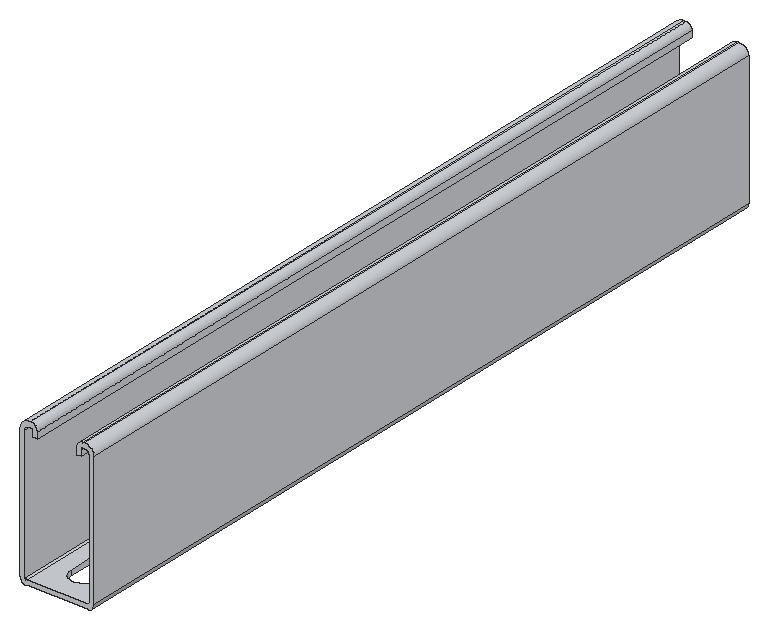
Revit family "Channel-Unistrut-P5000_T", category Specialty Equipment, Revit 2012
Parameters (values of type "P5000 T")
  ecoScorecard_data = ""
  ecoScorecard Product Page = ""
  Weight Per Foot = 3.00 lbf/ft
  Unit = none
  URL = "http://unistrut.us/index.php"
  Subcategory = "1 5/8\" Channels"
  Product Page URL = "http://unistrut.us/index.php?WP=cat_detail&S=S05&P=P5000t"
  Power Strut Part Number = "PS 200 KO6"  # constant formula
  Part Type = "Channel"  # constant formula
  Part Number = ""
  Overall Width = 1 5/8"  # constant formula
  Overall Height = 3 1/4"  # constant formula
  Model = "P5000 T"  # constant formula
  Material = "Multiple Options - See Catalog"
  Manufacturer Toll Free Phone = "800-882-5543"  # constant formula
  Manufacturer Phone = "708-339-1610"  # constant formula
  Manufacturer Fax = "708-339-7814"  # constant formula
  Manufacturer Email = "mailto:questions@atkore.com"
  Manufacturer Address = "16100 South Lathrop Avenue, Harvey, IL 60426"  # constant formula
  Manufacturer = "Unistrut by Atkore International"  # constant formula
  Load Capacity Note = "Visit the product page for load application and capacity."  # constant formula
  Literature URL = "http://unistrut.us/index.php?WP=LItLibrary"
  Length [instance] = 18"
  Knockouts Spacing From End = 1"
  Hole Spacing On Center Dimension = 2"
  Gauge Thickness = "12 Gauge (.105”)"  # constant formula
  Description = "P5000 T Channel"  # constant formula
  Cost Info = "mailto:questions@atkore.com"
  Construction Note = "Slots are 11⁄8\" x 9⁄16\" @ 2\" on Center"
  Category = "Specialty Equipment"  # constant formula
  CSI MasterSpec = "http://www.unistrut.us/a_files/TechRef/Unistrut_CSI_05430.pdf"
  CAD URL = "http://unistrut.us/index.php?WP=CAD3d"
  Assembly Code = "D5020100"
  95 CSI = "16070"  # constant formula
  04 CSI = "26 05 48"  # constant formula
Reference planes (in)
  plane 1 "Center (Front/Back)": y = 0
  plane 2: z = 0
  plane 3 "Center (Left/Right)": x = 0
  plane 4: z = 3.25
  plane 5: y = 9
  plane 6: x = -0.8125
  plane 7: y = -9
  plane 8: x = 0.8125
  plane 9: y = -7
Dimensions and locks (in)
  "Overall Height": plane 4 to level
  equal spacing: plane 6, plane 3 "Center (Left/Right)", plane 8
  "Overall Width": plane 6 to plane 8
  equal spacing: plane 5, plane 1 "Center (Front/Back)", plane 7
  "Length": plane 5 to plane 7
  "Hole Spacing On Center Dimension": plane 7 to plane 9
  aligned and locked: level to plane 2
  aligned and locked: plane 1 "Center (Front/Back)" to nested 1
  aligned and locked: plane 3 "Center (Left/Right)" to nested 1
  aligned and locked: nested 1 to level
Nested families (in)
  nested 1: "P5000 T Channel" at (0, 0, 0), type "P5000 T Channel"
    with # Of Array 9, Length 18"
Definition of nested family "P5000 T Channel"
  Parameters (values of type "P5000 T Channel")
    Width = 1 5/8"
    Unit = none
    Length = 60"
    Knockouts Spacing On Center = 2"
    Knockouts Spacing From End = 1"
    Height = 3 1/4"
    # Of Array [instance] = (Length - Knockouts Spacing From End * 2) / Knockouts Spacing On Center + 1  # 30
  Reference planes (in)
    plane 1 "Center (Front/Back)": y = 0
    plane 2: z = 0
    plane 3 "Center (Left/Right)": x = 0
    plane 4: z = 3.25
    plane 5: x = -0.8125
    plane 6: x = 0.8125
    plane 7: y = 30
    plane 8: y = -30
    plane 9: x = 0.4375
    plane 10: x = -0.4375
    plane 11: z = 2.96875
    plane 12: y = -29
    plane 13: y = -27
    plane 14: z = 0.105
  Forms (in)
    Sweep 1, solid, material <- "Unit", detail levels fine
      path origin (0, 0, 0) x (1, 0, 0) y (0, 1, 0)
        loop
          line (0, 30) -> (0, -30)
      profile origin (0, 0, 0) x (1, 0, 0) y (0, 0, 1)
        loop
          line (0.7075, 3.051) -> (0.7075, 0.13625)
          arc (0.7075, 0.13625) -> (0.69835, 0.11415) -> (0.67625, 0.105) r 0.03125
          line (0.67625, 0.105) -> (-0.67625, 0.105)
          arc (-0.67625, 0.105) -> (-0.69835, 0.11415) -> (-0.7075, 0.13625) r 0.03125
          line (-0.7075, 0.13625) -> (-0.7075, 3.051)
          arc (-0.7075, 3.051) -> (-0.68004, 3.11729) -> (-0.61375, 3.14475) r 0.09375
          line (-0.61375, 3.14475) -> (-0.57375, 3.14475)
          arc (-0.57375, 3.14475) -> (-0.55165, 3.1356) -> (-0.5425, 3.1135) r 0.03125
          line (-0.5425, 3.1135) -> (-0.5425, 2.96875) -> (-0.4375, 2.96875) -> (-0.4375, 3.1135)
          arc (-0.4375, 3.1135) -> (-0.47741, 3.20984) -> (-0.57375, 3.24975) r 0.13625
          line (-0.57375, 3.24975) -> (-0.61375, 3.24975)
          arc (-0.61375, 3.24975) -> (-0.75429, 3.19154) -> (-0.8125, 3.051) r 0.19875
          line (-0.8125, 3.051) -> (-0.8125, 0.13625)
          arc (-0.8125, 0.13625) -> (-0.77259, 0.03991) -> (-0.67625, 0) r 0.13625
          line (-0.67625, 0) -> (0.67625, 0)
          arc (0.67625, 0) -> (0.77259, 0.03991) -> (0.8125, 0.13625) r 0.13625
          line (0.8125, 0.13625) -> (0.8125, 3.051)
          arc (0.8125, 3.051) -> (0.75429, 3.19154) -> (0.61375, 3.24975) r 0.19875
          line (0.61375, 3.24975) -> (0.57375, 3.24975)
          arc (0.57375, 3.24975) -> (0.47741, 3.20984) -> (0.4375, 3.1135) r 0.13625
          line (0.4375, 3.1135) -> (0.4375, 2.96875) -> (0.5425, 2.96875) -> (0.5425, 3.1135)
          arc (0.5425, 3.1135) -> (0.55165, 3.1356) -> (0.57375, 3.14475) r 0.03125
          line (0.57375, 3.14475) -> (0.61375, 3.14475)
          arc (0.61375, 3.14475) -> (0.68004, 3.11729) -> (0.7075, 3.051) r 0.09375
    Extrusion 2, void
      sketch origin (0, -18, 0) x (1, 0, 0) y (0, 1, 0)
        loop
          arc (0.28125, -10.71875) -> (0, -10.4375) -> (-0.28125, -10.71875) r 0.28125
          line (-0.28125, -10.71875) -> (-0.28125, -11.28125)
          arc (-0.28125, -11.28125) -> (0, -11.5625) -> (0.28125, -11.28125) r 0.28125
          line (0.28125, -11.28125) -> (0.28125, -10.71875)
      from 0 to 0.105
    Extrusion 3, void
      sketch origin (0, -16, 0) x (1, 0, 0) y (0, 1, 0)
        loop
          arc (0.28125, -10.71875) -> (0, -10.4375) -> (-0.28125, -10.71875) r 0.28125
          line (-0.28125, -10.71875) -> (-0.28125, -11.28125)
          arc (-0.28125, -11.28125) -> (0, -11.5625) -> (0.28125, -11.28125) r 0.28125
          line (0.28125, -11.28125) -> (0.28125, -10.71875)
      from 0 to 0.105
    Extrusion 4, void
      sketch origin (0, -14, 0) x (1, 0, 0) y (0, 1, 0)
        loop
          arc (0.28125, -10.71875) -> (0, -10.4375) -> (-0.28125, -10.71875) r 0.28125
          line (-0.28125, -10.71875) -> (-0.28125, -11.28125)
          arc (-0.28125, -11.28125) -> (0, -11.5625) -> (0.28125, -11.28125) r 0.28125
          line (0.28125, -11.28125) -> (0.28125, -10.71875)
      from 0 to 0.105
    Extrusion 5, void
      sketch origin (0, -12, 0) x (1, 0, 0) y (0, 1, 0)
        loop
          arc (0.28125, -10.71875) -> (0, -10.4375) -> (-0.28125, -10.71875) r 0.28125
          line (-0.28125, -10.71875) -> (-0.28125, -11.28125)
          arc (-0.28125, -11.28125) -> (0, -11.5625) -> (0.28125, -11.28125) r 0.28125
          line (0.28125, -11.28125) -> (0.28125, -10.71875)
      from 0 to 0.105
    Extrusion 6, void
      sketch origin (0, -10, 0) x (1, 0, 0) y (0, 1, 0)
        loop
          arc (0.28125, -10.71875) -> (0, -10.4375) -> (-0.28125, -10.71875) r 0.28125
          line (-0.28125, -10.71875) -> (-0.28125, -11.28125)
          arc (-0.28125, -11.28125) -> (0, -11.5625) -> (0.28125, -11.28125) r 0.28125
          line (0.28125, -11.28125) -> (0.28125, -10.71875)
      from 0 to 0.105
    Extrusion 7, void
      sketch origin (0, -8, 0) x (1, 0, 0) y (0, 1, 0)
        loop
          arc (0.28125, -10.71875) -> (0, -10.4375) -> (-0.28125, -10.71875) r 0.28125
          line (-0.28125, -10.71875) -> (-0.28125, -11.28125)
          arc (-0.28125, -11.28125) -> (0, -11.5625) -> (0.28125, -11.28125) r 0.28125
          line (0.28125, -11.28125) -> (0.28125, -10.71875)
      from 0 to 0.105
    Extrusion 8, void
      sketch origin (0, -6, 0) x (1, 0, 0) y (0, 1, 0)
        loop
          arc (0.28125, -10.71875) -> (0, -10.4375) -> (-0.28125, -10.71875) r 0.28125
          line (-0.28125, -10.71875) -> (-0.28125, -11.28125)
          arc (-0.28125, -11.28125) -> (0, -11.5625) -> (0.28125, -11.28125) r 0.28125
          line (0.28125, -11.28125) -> (0.28125, -10.71875)
      from 0 to 0.105
    Extrusion 9, void
      sketch origin (0, -4, 0) x (1, 0, 0) y (0, 1, 0)
        loop
          arc (0.28125, -10.71875) -> (0, -10.4375) -> (-0.28125, -10.71875) r 0.28125
          line (-0.28125, -10.71875) -> (-0.28125, -11.28125)
          arc (-0.28125, -11.28125) -> (0, -11.5625) -> (0.28125, -11.28125) r 0.28125
          line (0.28125, -11.28125) -> (0.28125, -10.71875)
      from 0 to 0.105
    Extrusion 10, void
      sketch origin (0, -2, 0) x (1, 0, 0) y (0, 1, 0)
        loop
          arc (0.28125, -10.71875) -> (0, -10.4375) -> (-0.28125, -10.71875) r 0.28125
          line (-0.28125, -10.71875) -> (-0.28125, -11.28125)
          arc (-0.28125, -11.28125) -> (0, -11.5625) -> (0.28125, -11.28125) r 0.28125
          line (0.28125, -11.28125) -> (0.28125, -10.71875)
      from 0 to 0.105
    Extrusion 11, void
      sketch origin (0, 0, 0) x (1, 0, 0) y (0, 1, 0)
        loop
          arc (0.28125, -10.71875) -> (0, -10.4375) -> (-0.28125, -10.71875) r 0.28125
          line (-0.28125, -10.71875) -> (-0.28125, -11.28125)
          arc (-0.28125, -11.28125) -> (0, -11.5625) -> (0.28125, -11.28125) r 0.28125
          line (0.28125, -11.28125) -> (0.28125, -10.71875)
      from 0 to 0.105
    Extrusion 12, void
      sketch origin (0, 2, 0) x (1, 0, 0) y (0, 1, 0)
        loop
          arc (0.28125, -10.71875) -> (0, -10.4375) -> (-0.28125, -10.71875) r 0.28125
          line (-0.28125, -10.71875) -> (-0.28125, -11.28125)
          arc (-0.28125, -11.28125) -> (0, -11.5625) -> (0.28125, -11.28125) r 0.28125
          line (0.28125, -11.28125) -> (0.28125, -10.71875)
      from 0 to 0.105
    Extrusion 13, void
      sketch origin (0, 4, 0) x (1, 0, 0) y (0, 1, 0)
        loop
          arc (0.28125, -10.71875) -> (0, -10.4375) -> (-0.28125, -10.71875) r 0.28125
          line (-0.28125, -10.71875) -> (-0.28125, -11.28125)
          arc (-0.28125, -11.28125) -> (0, -11.5625) -> (0.28125, -11.28125) r 0.28125
          line (0.28125, -11.28125) -> (0.28125, -10.71875)
      from 0 to 0.105
    Extrusion 14, void
      sketch origin (0, 6, 0) x (1, 0, 0) y (0, 1, 0)
        loop
          arc (0.28125, -10.71875) -> (0, -10.4375) -> (-0.28125, -10.71875) r 0.28125
          line (-0.28125, -10.71875) -> (-0.28125, -11.28125)
          arc (-0.28125, -11.28125) -> (0, -11.5625) -> (0.28125, -11.28125) r 0.28125
          line (0.28125, -11.28125) -> (0.28125, -10.71875)
      from 0 to 0.105
    Extrusion 15, void
      sketch origin (0, 8, 0) x (1, 0, 0) y (0, 1, 0)
        loop
          arc (0.28125, -10.71875) -> (0, -10.4375) -> (-0.28125, -10.71875) r 0.28125
          line (-0.28125, -10.71875) -> (-0.28125, -11.28125)
          arc (-0.28125, -11.28125) -> (0, -11.5625) -> (0.28125, -11.28125) r 0.28125
          line (0.28125, -11.28125) -> (0.28125, -10.71875)
      from 0 to 0.105
    Extrusion 16, void
      sketch origin (0, 10, 0) x (1, 0, 0) y (0, 1, 0)
        loop
          arc (0.28125, -10.71875) -> (0, -10.4375) -> (-0.28125, -10.71875) r 0.28125
          line (-0.28125, -10.71875) -> (-0.28125, -11.28125)
          arc (-0.28125, -11.28125) -> (0, -11.5625) -> (0.28125, -11.28125) r 0.28125
          line (0.28125, -11.28125) -> (0.28125, -10.71875)
      from 0 to 0.105
    Extrusion 17, void
      sketch origin (0, 12, 0) x (1, 0, 0) y (0, 1, 0)
        loop
          arc (0.28125, -10.71875) -> (0, -10.4375) -> (-0.28125, -10.71875) r 0.28125
          line (-0.28125, -10.71875) -> (-0.28125, -11.28125)
          arc (-0.28125, -11.28125) -> (0, -11.5625) -> (0.28125, -11.28125) r 0.28125
          line (0.28125, -11.28125) -> (0.28125, -10.71875)
      from 0 to 0.105
    Extrusion 18, void
      sketch origin (0, 14, 0) x (1, 0, 0) y (0, 1, 0)
        loop
          arc (0.28125, -10.71875) -> (0, -10.4375) -> (-0.28125, -10.71875) r 0.28125
          line (-0.28125, -10.71875) -> (-0.28125, -11.28125)
          arc (-0.28125, -11.28125) -> (0, -11.5625) -> (0.28125, -11.28125) r 0.28125
          line (0.28125, -11.28125) -> (0.28125, -10.71875)
      from 0 to 0.105
    Extrusion 19, void
      sketch origin (0, 16, 0) x (1, 0, 0) y (0, 1, 0)
        loop
          arc (0.28125, -10.71875) -> (0, -10.4375) -> (-0.28125, -10.71875) r 0.28125
          line (-0.28125, -10.71875) -> (-0.28125, -11.28125)
          arc (-0.28125, -11.28125) -> (0, -11.5625) -> (0.28125, -11.28125) r 0.28125
          line (0.28125, -11.28125) -> (0.28125, -10.71875)
      from 0 to 0.105
    Extrusion 20, void
      sketch origin (0, 18, 0) x (1, 0, 0) y (0, 1, 0)
        loop
          arc (0.28125, -10.71875) -> (0, -10.4375) -> (-0.28125, -10.71875) r 0.28125
          line (-0.28125, -10.71875) -> (-0.28125, -11.28125)
          arc (-0.28125, -11.28125) -> (0, -11.5625) -> (0.28125, -11.28125) r 0.28125
          line (0.28125, -11.28125) -> (0.28125, -10.71875)
      from 0 to 0.105
    Extrusion 21, void
      sketch origin (0, 20, 0) x (1, 0, 0) y (0, 1, 0)
        loop
          arc (0.28125, -10.71875) -> (0, -10.4375) -> (-0.28125, -10.71875) r 0.28125
          line (-0.28125, -10.71875) -> (-0.28125, -11.28125)
          arc (-0.28125, -11.28125) -> (0, -11.5625) -> (0.28125, -11.28125) r 0.28125
          line (0.28125, -11.28125) -> (0.28125, -10.71875)
      from 0 to 0.105
    Extrusion 22, void
      sketch origin (0, 22, 0) x (1, 0, 0) y (0, 1, 0)
        loop
          arc (0.28125, -10.71875) -> (0, -10.4375) -> (-0.28125, -10.71875) r 0.28125
          line (-0.28125, -10.71875) -> (-0.28125, -11.28125)
          arc (-0.28125, -11.28125) -> (0, -11.5625) -> (0.28125, -11.28125) r 0.28125
          line (0.28125, -11.28125) -> (0.28125, -10.71875)
      from 0 to 0.105
    Extrusion 23, void
      sketch origin (0, 24, 0) x (1, 0, 0) y (0, 1, 0)
        loop
          arc (0.28125, -10.71875) -> (0, -10.4375) -> (-0.28125, -10.71875) r 0.28125
          line (-0.28125, -10.71875) -> (-0.28125, -11.28125)
          arc (-0.28125, -11.28125) -> (0, -11.5625) -> (0.28125, -11.28125) r 0.28125
          line (0.28125, -11.28125) -> (0.28125, -10.71875)
      from 0 to 0.105
    Extrusion 24, void
      sketch origin (0, 26, 0) x (1, 0, 0) y (0, 1, 0)
        loop
          arc (0.28125, -10.71875) -> (0, -10.4375) -> (-0.28125, -10.71875) r 0.28125
          line (-0.28125, -10.71875) -> (-0.28125, -11.28125)
          arc (-0.28125, -11.28125) -> (0, -11.5625) -> (0.28125, -11.28125) r 0.28125
          line (0.28125, -11.28125) -> (0.28125, -10.71875)
      from 0 to 0.105
    Extrusion 25, void
      sketch origin (0, 28, 0) x (1, 0, 0) y (0, 1, 0)
        loop
          arc (0.28125, -10.71875) -> (0, -10.4375) -> (-0.28125, -10.71875) r 0.28125
          line (-0.28125, -10.71875) -> (-0.28125, -11.28125)
          arc (-0.28125, -11.28125) -> (0, -11.5625) -> (0.28125, -11.28125) r 0.28125
          line (0.28125, -11.28125) -> (0.28125, -10.71875)
      from 0 to 0.105
    Extrusion 26, void
      sketch origin (0, 30, 0) x (1, 0, 0) y (0, 1, 0)
        loop
          arc (0.28125, -10.71875) -> (0, -10.4375) -> (-0.28125, -10.71875) r 0.28125
          line (-0.28125, -10.71875) -> (-0.28125, -11.28125)
          arc (-0.28125, -11.28125) -> (0, -11.5625) -> (0.28125, -11.28125) r 0.28125
          line (0.28125, -11.28125) -> (0.28125, -10.71875)
      from 0 to 0.105
    Extrusion 27, void
      sketch origin (0, 32, 0) x (1, 0, 0) y (0, 1, 0)
        loop
          arc (0.28125, -10.71875) -> (0, -10.4375) -> (-0.28125, -10.71875) r 0.28125
          line (-0.28125, -10.71875) -> (-0.28125, -11.28125)
          arc (-0.28125, -11.28125) -> (0, -11.5625) -> (0.28125, -11.28125) r 0.28125
          line (0.28125, -11.28125) -> (0.28125, -10.71875)
      from 0 to 0.105
    Extrusion 28, void
      sketch origin (0, 34, 0) x (1, 0, 0) y (0, 1, 0)
        loop
          arc (0.28125, -10.71875) -> (0, -10.4375) -> (-0.28125, -10.71875) r 0.28125
          line (-0.28125, -10.71875) -> (-0.28125, -11.28125)
          arc (-0.28125, -11.28125) -> (0, -11.5625) -> (0.28125, -11.28125) r 0.28125
          line (0.28125, -11.28125) -> (0.28125, -10.71875)
      from 0 to 0.105
    Extrusion 29, void
      sketch origin (0, 36, 0) x (1, 0, 0) y (0, 1, 0)
        loop
          arc (0.28125, -10.71875) -> (0, -10.4375) -> (-0.28125, -10.71875) r 0.28125
          line (-0.28125, -10.71875) -> (-0.28125, -11.28125)
          arc (-0.28125, -11.28125) -> (0, -11.5625) -> (0.28125, -11.28125) r 0.28125
          line (0.28125, -11.28125) -> (0.28125, -10.71875)
      from 0 to 0.105
    Extrusion 30, void
      sketch origin (0, 38, 0) x (1, 0, 0) y (0, 1, 0)
        loop
          arc (0.28125, -10.71875) -> (0, -10.4375) -> (-0.28125, -10.71875) r 0.28125
          line (-0.28125, -10.71875) -> (-0.28125, -11.28125)
          arc (-0.28125, -11.28125) -> (0, -11.5625) -> (0.28125, -11.28125) r 0.28125
          line (0.28125, -11.28125) -> (0.28125, -10.71875)
      from 0 to 0.105
    Extrusion 31, void
      sketch origin (0, 40, 0) x (1, 0, 0) y (0, 1, 0)
        loop
          arc (0.28125, -10.71875) -> (0, -10.4375) -> (-0.28125, -10.71875) r 0.28125
          line (-0.28125, -10.71875) -> (-0.28125, -11.28125)
          arc (-0.28125, -11.28125) -> (0, -11.5625) -> (0.28125, -11.28125) r 0.28125
          line (0.28125, -11.28125) -> (0.28125, -10.71875)
      from 0 to 0.105
  Cuts and joins
    Extrusion 2, Extrusion 3, Extrusion 4, Extrusion 5, Extrusion 6, Extrusion 7, Extrusion 8, Extrusion 9, Extrusion 10, Extrusion 11, Extrusion 12, Extrusion 13, Extrusion 14, Extrusion 15, Extrusion 16, Extrusion 17, Extrusion 18, Extrusion 19, Extrusion 20, Extrusion 21, Extrusion 22, Extrusion 23, Extrusion 24, Extrusion 25, Extrusion 26, Extrusion 27, Extrusion 28, Extrusion 29, Extrusion 30, Extrusion 31 cuts Sweep 1
  Lines and regions (in)
    symbolic lines, style "Channel", detail levels medium+fine
      curve 1: line (0.8125, 30, 0) -> (0.8125, -30, 0)
      curve 2: line (-0.8125, 30, 0) -> (0.8125, 30, 0)
      curve 3: line (-0.8125, 30, 0) -> (-0.8125, -30, 0)
      curve 4: line (0.4375, 30, 0) -> (0.4375, -30, 0)
      curve 5: line (-0.4375, 30, 0) -> (-0.4375, -30, 0)
      curve 6: line (-0.8125, -30, 0) -> (0.8125, -30, 0)
  Dimensions and locks (in)
    "Height": plane 4 to level
    equal spacing: plane 6, plane 3 "Center (Left/Right)", plane 5
    "Width": plane 6 to plane 5
    equal spacing: plane 7, plane 1 "Center (Front/Back)", plane 8
    "Length": plane 7 to plane 8
    locked: plane 6 to plane 9 at 0.375
    locked: plane 5 to plane 10 at 0.375
    locked: plane 4 to plane 11 at 0.28125
    locked: plane 6 to Sweep 1 sketch curve at 0.105
    locked: Sweep 1 sketch curve to plane 5 at 0.105
    locked: Sweep 1 sketch curve to level at 0.105
    locked: plane 4 to Sweep 1 sketch curve at 0.28125  (x2)
    "Knockouts Spacing From End": plane 8 to plane 12
    "Knockouts Spacing On Center": plane 13 to plane 12
    locked: plane 14 to level at 0.105
    equal spacing: group 1, group 2, group 3, group 4, group 5, group 6, group 7, group 8, group 9, group 10, group 11, group 12, group 13, group 14, group 15, group 16, group 17, group 18, group 19, group 20, group 21, group 22, group 23, group 24, group 25, group 26, group 27, group 28, group 29, group 30  (x3)
    aligned and locked: plane 2 to level
    aligned and locked: plane 8 to Sweep 1 sketch curve
    aligned and locked: plane 7 to Sweep 1 sketch curve
    aligned and locked: Sweep 1 sketch curve to plane 3 "Center (Left/Right)"
    aligned and locked: plane 6 to Sweep 1 sketch curve
    aligned and locked: Sweep 1 sketch curve to plane 5
    aligned and locked: Sweep 1 sketch curve to level
    aligned and locked: plane 14 to Sweep 1
    aligned and locked: nested 1 to plane 14
    aligned and locked: plane 3 "Center (Left/Right)" to nested 1
    aligned and locked: nested 1 to plane 12
    aligned and locked: nested 2 to plane 13
    aligned and locked: plane 3 "Center (Left/Right)" to nested 2
    aligned and locked: Extrusion 2 to level
    aligned and locked: Sweep 1 to Extrusion 2
    aligned and locked: plane 1 "Center (Front/Back)" to nested 31
    aligned and locked: plane 3 "Center (Left/Right)" to nested 31
    aligned and locked: nested 31 to level
    aligned and locked: curve 1 to plane 6
    aligned and locked: curve 2 to plane 7
    aligned and locked: curve 3 to plane 5
    aligned and locked: curve 4 to plane 9
    aligned and locked: plane 10 to curve 5
    aligned and locked: plane 8 to curve 6
  Automatic sketch dimensions
    Sweep 1 sketch curve to Sweep 1 sketch curve = 0"  (x10)
    Sweep 1 sketch curve to Sweep 1 sketch curve = 1/32"  (x3)
    Sweep 1 sketch curve to Sweep 1 sketch curve = 3/32"  (x2)
    Sweep 1 sketch curve to Sweep 1 sketch curve = 0.04"  (x2)
    Sweep 1 sketch curve to profile plane = 0.67625"
    Sweep 1 sketch curve to Sweep 1 sketch curve = 0.08225"  (x2)
    Extrusion 2 sketch curve to Extrusion 2 sketch curve = 9/16"  (x2)
    Extrusion 3 sketch curve to Extrusion 3 sketch curve = 9/16"  (x2)
    Extrusion 4 sketch curve to Extrusion 4 sketch curve = 9/16"  (x2)
    Extrusion 5 sketch curve to Extrusion 5 sketch curve = 9/16"  (x2)
    Extrusion 6 sketch curve to Extrusion 6 sketch curve = 9/16"  (x2)
    Extrusion 7 sketch curve to Extrusion 7 sketch curve = 9/16"  (x2)
    Extrusion 8 sketch curve to Extrusion 8 sketch curve = 9/16"  (x2)
    Extrusion 9 sketch curve to Extrusion 9 sketch curve = 9/16"  (x2)
    Extrusion 10 sketch curve to Extrusion 10 sketch curve = 9/16"  (x2)
    Extrusion 11 sketch curve to Extrusion 11 sketch curve = 9/16"  (x2)
    Extrusion 12 sketch curve to Extrusion 12 sketch curve = 9/16"  (x2)
    Extrusion 13 sketch curve to Extrusion 13 sketch curve = 9/16"
    Extrusion 13 sketch curve to Extrusion 13 sketch curve = 9/32"
    Extrusion 2 sketch curve to Extrusion 2 sketch curve = 9/32"
    Extrusion 3 sketch curve to Extrusion 3 sketch curve = 9/32"
    Extrusion 4 sketch curve to Extrusion 4 sketch curve = 9/32"
    Extrusion 5 sketch curve to Extrusion 5 sketch curve = 9/32"
    Extrusion 6 sketch curve to Extrusion 6 sketch curve = 9/32"
    Extrusion 7 sketch curve to Extrusion 7 sketch curve = 9/32"
    Extrusion 8 sketch curve to Extrusion 8 sketch curve = 9/32"
    Extrusion 9 sketch curve to Extrusion 9 sketch curve = 9/32"
    Extrusion 10 sketch curve to Extrusion 10 sketch curve = 9/32"
    Extrusion 11 sketch curve to Extrusion 11 sketch curve = 9/32"
    Extrusion 12 sketch curve to Extrusion 12 sketch curve = 9/32"
    Extrusion 14 sketch curve to Extrusion 14 sketch curve = 9/16"
    Extrusion 14 sketch curve to Extrusion 14 sketch curve = 9/32"
    Extrusion 15 sketch curve to Extrusion 15 sketch curve = 9/16"
    Extrusion 15 sketch curve to Extrusion 15 sketch curve = 9/32"
    Extrusion 16 sketch curve to Extrusion 16 sketch curve = 9/16"
    Extrusion 16 sketch curve to Extrusion 16 sketch curve = 9/32"
    Extrusion 17 sketch curve to Extrusion 17 sketch curve = 9/16"
    Extrusion 17 sketch curve to Extrusion 17 sketch curve = 9/32"
    Extrusion 18 sketch curve to Extrusion 18 sketch curve = 9/16"
    Extrusion 18 sketch curve to Extrusion 18 sketch curve = 9/32"
    Extrusion 19 sketch curve to Extrusion 19 sketch curve = 9/16"
    Extrusion 19 sketch curve to Extrusion 19 sketch curve = 9/32"
    Extrusion 20 sketch curve to Extrusion 20 sketch curve = 9/16"
    Extrusion 20 sketch curve to Extrusion 20 sketch curve = 9/32"
    Extrusion 21 sketch curve to Extrusion 21 sketch curve = 9/16"
    Extrusion 21 sketch curve to Extrusion 21 sketch curve = 9/32"
    Extrusion 22 sketch curve to Extrusion 22 sketch curve = 9/16"
    Extrusion 22 sketch curve to Extrusion 22 sketch curve = 9/32"
    Extrusion 23 sketch curve to Extrusion 23 sketch curve = 9/16"
    Extrusion 23 sketch curve to Extrusion 23 sketch curve = 9/32"
    Extrusion 24 sketch curve to Extrusion 24 sketch curve = 9/16"
    Extrusion 24 sketch curve to Extrusion 24 sketch curve = 9/32"
    Extrusion 25 sketch curve to Extrusion 25 sketch curve = 9/16"
    Extrusion 25 sketch curve to Extrusion 25 sketch curve = 9/32"
    Extrusion 26 sketch curve to Extrusion 26 sketch curve = 9/16"
    Extrusion 26 sketch curve to Extrusion 26 sketch curve = 9/32"
    Extrusion 27 sketch curve to Extrusion 27 sketch curve = 9/16"
    Extrusion 27 sketch curve to Extrusion 27 sketch curve = 9/32"
    Extrusion 28 sketch curve to Extrusion 28 sketch curve = 9/16"
    Extrusion 28 sketch curve to Extrusion 28 sketch curve = 9/32"
    Extrusion 29 sketch curve to Extrusion 29 sketch curve = 9/16"
    Extrusion 29 sketch curve to Extrusion 29 sketch curve = 9/32"
    Extrusion 30 sketch curve to Extrusion 30 sketch curve = 9/16"
    Extrusion 30 sketch curve to Extrusion 30 sketch curve = 9/32"
    Extrusion 31 sketch curve to Extrusion 31 sketch curve = 9/16"
    Extrusion 31 sketch curve to Extrusion 31 sketch curve = 9/32"
    curve 4 to curve 1 = 0"
    curve 1 to curve 4 = 0"
    curve 5 to curve 3 = 0"
    curve 3 to curve 5 = 0"
  Nested families (in)
    nested 1: "Model Line" at (0, -29, 0.105), type "Model Line"
    nested 2: "Model Line" at (0, -27, 0.105), type "Model Line"
    nested 3: "Model Line" at (0, -25, 0.105), type "Model Line"
    nested 4: "Model Line" at (0, -23, 0.105), type "Model Line"
    nested 5: "Model Line" at (0, -21, 0.105), type "Model Line"
    nested 6: "Model Line" at (0, -19, 0.105), type "Model Line"
    nested 7: "Model Line" at (0, -17, 0.105), type "Model Line"
    nested 8: "Model Line" at (0, -15, 0.105), type "Model Line"
    nested 9: "Model Line" at (0, -13, 0.105), type "Model Line"
    nested 10: "Model Line" at (0, -11, 0.105), type "Model Line"
    nested 11: "Model Line" at (0, -9, 0.105), type "Model Line"
    nested 12: "Model Line" at (0, -7, 0.105), type "Model Line"
    nested 13: "Model Line" at (0, -5, 0.105), type "Model Line"
    nested 14: "Model Line" at (0, -3, 0.105), type "Model Line"
    nested 15: "Model Line" at (0, -1, 0.105), type "Model Line"
    nested 16: "Model Line" at (0, 1, 0.105), type "Model Line"
    nested 17: "Model Line" at (0, 3, 0.105), type "Model Line"
    nested 18: "Model Line" at (0, 5, 0.105), type "Model Line"
    nested 19: "Model Line" at (0, 7, 0.105), type "Model Line"
    nested 20: "Model Line" at (0, 9, 0.105), type "Model Line"
    nested 21: "Model Line" at (0, 11, 0.105), type "Model Line"
    nested 22: "Model Line" at (0, 13, 0.105), type "Model Line"
    nested 23: "Model Line" at (0, 15, 0.105), type "Model Line"
    nested 24: "Model Line" at (0, 17, 0.105), type "Model Line"
    nested 25: "Model Line" at (0, 19, 0.105), type "Model Line"
    nested 26: "Model Line" at (0, 21, 0.105), type "Model Line"
    nested 27: "Model Line" at (0, 23, 0.105), type "Model Line"
    nested 28: "Model Line" at (0, 25, 0.105), type "Model Line"
    nested 29: "Model Line" at (0, 27, 0.105), type "Model Line"
    nested 30: "Model Line" at (0, 29, 0.105), type "Model Line"
    nested 31: "P5000 T_Detail" at (0, 0, 0), type "P5000 T_Detail"
      with Length 60"
  Definition of nested family "Model Line"
    Parameters (values of type "Model Line")
      Hole Radius = 9/32"
    Reference planes (in)
      plane 1 "Center (Front/Back)": y = 0
      plane 2: z = 0
      plane 3 "Center (Left/Right)": x = 0
    Lines and regions (in)
      model lines, style "Channel", detail levels fine
        curve 1: line (-0.28125, -0.28125, 0) -> (-0.28125, 0.28125, 0)
        curve 2: line (0.28125, 0.28125, 0) -> (0.28125, -0.28125, 0)
        curve 3: arc (-0.28125, 0.28125, 0) -> (0, 0.5625, 0) -> (0.28125, 0.28125, 0) r 0.28125
        curve 4: arc (-0.28125, -0.28125, 0) -> (0, -0.5625, 0) -> (0.28125, -0.28125, 0) r 0.28125
    Dimensions and locks (in)
      aligned and locked: plane 2 to level
  Definition of nested family "P5000 T_Detail"
    Parameters (values of type "P5000 T_Detail")
      Unit = none
      Length = 12"
      Height = 3 1/4"  # constant formula
      Depth = 1 5/8"  # constant formula
    Reference planes (in)
      plane 1 "Center (Front/Back)": y = 0
      plane 2: z = 0
      plane 3 "Center (Left/Right)": x = 0
      plane 4: y = 6
      plane 5: y = -6
      plane 6: x = -0.8125
      plane 7: x = 0.8125
      plane 8: z = 3.25
    Forms (in)
      Sweep 1, solid, material <- "Unit", detail levels coarse+medium
        path origin (0, 0, 0) x (1, 0, 0) y (0, 1, 0)
          loop
            line (0, 6) -> (0, -6)
        profile origin (0, 0, 0) x (1, 0, 0) y (0, 0, 1)
          loop
            line (0.8125, 3.25) -> (-0.8125, 3.25) -> (-0.8125, 0) -> (0.8125, 0) -> (0.8125, 3.25)
    Lines and regions (in)
      symbolic lines, style "Channel", detail levels coarse+medium
        curve 1: line (-0.8125, 6, 0) -> (0.8125, 6, 0)
        curve 2: line (0.8125, 6, 0) -> (0.8125, -6, 0)
        curve 3: line (-0.8125, 6, 0) -> (-0.8125, -6, 0)
        curve 4: line (-0.8125, -6, 0) -> (0.8125, -6, 0)
    Dimensions and locks (in)
      equal spacing: plane 6, plane 3 "Center (Left/Right)", plane 7
      "Depth": plane 6 to plane 7
      equal spacing: plane 4, plane 1 "Center (Front/Back)", plane 5
      "Length": plane 4 to plane 5
      "Height": plane 8 to level
      aligned and locked: plane 2 to level
      aligned and locked: plane 5 to Sweep 1 sketch curve
      aligned and locked: plane 4 to Sweep 1 sketch curve
      aligned and locked: Sweep 1 sketch curve to plane 3 "Center (Left/Right)"
      aligned and locked: Sweep 1 sketch curve to plane 7
      aligned and locked: Sweep 1 sketch curve to plane 8
      aligned and locked: Sweep 1 sketch curve to plane 6
      aligned and locked: Sweep 1 sketch curve to level
      aligned and locked: curve 1 to plane 4
      aligned and locked: curve 2 to plane 7
      aligned and locked: curve 3 to plane 6
      aligned and locked: curve 4 to plane 5
